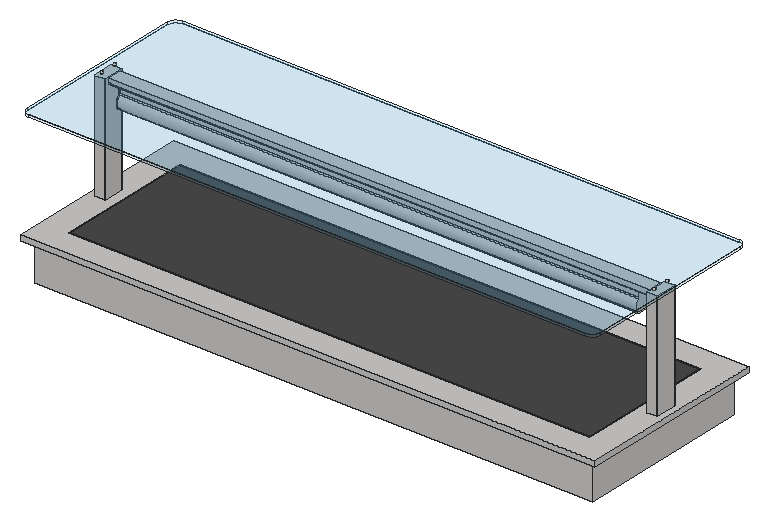
Revit family "QF_FESTIVE_SHD21", category Specialty Equipment, Revit 2020
Family settings
  Round Connector Dimension = Use Diameter
  Part Type = Normal
  Work Plane-Based = No
  Always vertical = Yes
  Cut with Voids When Loaded = No
  Shared = No
  Room Calculation Point = No
Parameters (values of type "SHD21")
  Weight in Pounds = 0
  Watts = if(Phase = 3, Volts * FL Amps * 1.73, Volts * FL Amps)  # 1870 W
  Volts = 220 V
  URL Cutsheet = ""
  Specification by User = ""
  Specification by Manufacturer = ""
  Serial Number = ""
  Seismic Rating = ""
  SMACNA No = ""
  Revision Code = ""
  Phase = 1
  Number of Poles = 1
  NAFEM Spec ID Number = ""
  Model = "SHD21"
  Min Ckt Ampacity = 0 A
  Max Overcurrent Protection = 0 A
  Masterspec = ""
  Manufacturer = "FESTIVE"
  Length = 2130 mm
  Item Number = ""
  Installed By = ""
  Identify Quantity as Lot = yes
  Height = 430 mm
  HP = ""
  Furnished By = ""
  Foodservice Equipment Identifier = yes
  FL Amps = 8.5 A  # constant formula
  Electrical Remarks = ""
  Electric Connection Type = ""
  Elec Conn RI Height = 0 mm
  Elec Conn Connection Height = 0 mm
  Description = "SOMERSET: HOT DECK"
  Depth = 712 mm
  Default Elevation = 0 mm
  Cycle = 50 Hz
  Conn Plug = ""
  Conn Conduit = yes
  CSI MasterFormat = ""
  Apparent Power = if(Phase = 3, Volts * FL Amps * 1.73, Volts * FL Amps)  # 1870 VA
Reference planes
  plane 1 "BACK": y = 0
  plane 2: z = 0
  plane 3 "LEFT": x = 0
  plane 4 "RIGHT": x = 2130
  plane 5 "FRONT": y = -712
  plane 6 "TOP": z = 430
  plane 7 "Center Y": x = 1065
  plane 8 "Center X": y = -356
  plane 9: z = -140
  plane 10: x = 60.5
  plane 11: x = 100.5
  plane 12: x = 2029.5
  plane 13: x = 2069.5
Forms (mm)
  Extrusion 1, solid, material "QF_Metal - Stainless - Satin"
    sketch origin (0, 0, 0) x (1, 0, 0) y (0, 1, 0)
      loop
        line (0, 0) -> (0, -712) -> (2130, -712) -> (2130, 0) -> (0, 0)
      loop
        line (99, -98.261) -> (99, -612.261) -> (2031, -612.261) -> (2031, -98.261) -> (99, -98.261)
    from 0 to 20
  Extrusion 2, solid, material "QF_Metal - Stainless - Satin"
    sketch origin (1065, -355.261, -145) x (1, 0, 0) y (0, 1, 0)
      loop
        line (1035, -326.739) -> (1035, 325.261) -> (-1035, 325.261) -> (-1035, -326.739) -> (1035, -326.739)
      loop
        line (-966, -257) -> (966, -257) -> (966, 257) -> (-966, 257) -> (-966, -257)
    from 5 to 145
  Extrusion 3, solid, material "QF_Metal - Stainless - Satin"
    sketch origin (1065, -355.261, 20) x (1, 0, 0) y (0, 1, 0)
      loop
        arc (-1006.5, -40) -> (-1005.086, -39.414) -> (-1004.5, -38) r 2
        line (-1004.5, -38) -> (-1004.5, 38)
        arc (-1004.5, 38) -> (-1005.086, 39.414) -> (-1006.5, 40) r 2
        line (-1006.5, 40) -> (-1042.5, 40)
        arc (-1042.5, 40) -> (-1043.914, 39.414) -> (-1044.5, 38) r 2
        line (-1044.5, 38) -> (-1044.5, -38)
        arc (-1044.5, -38) -> (-1043.914, -39.414) -> (-1042.5, -40) r 2
        line (-1042.5, -40) -> (-1006.5, -40)
      loop
        arc (1044.5, 38) -> (1043.914, 39.414) -> (1042.5, 40) r 2
        line (1042.5, 40) -> (1006.5, 40)
        arc (1006.5, 40) -> (1005.086, 39.414) -> (1004.5, 38) r 2
        line (1004.5, 38) -> (1004.5, -38)
        arc (1004.5, -38) -> (1005.086, -39.414) -> (1006.5, -40) r 2
        line (1006.5, -40) -> (1042.5, -40)
        arc (1042.5, -40) -> (1043.914, -39.414) -> (1044.5, -38) r 2
        line (1044.5, -38) -> (1044.5, 38)
    from 0 to 400
  Extrusion 4, solid, material "QF_Metal - Stainless - Satin"
    sketch origin (1065, -355.261, -140) x (0, 1, 0) y (1, 0, 0)
      loop
        line (257, -966) -> (257, 966) -> (-257, 966) -> (-257, -966) -> (257, -966)
    from 0 to -35
  Sweep 5, solid
    path origin (0, 0, -90) x (1, 0, 0) y (0, 1, 0)
      loop
        line (2029, -180.315) -> (210.803, -180.315)
        arc (210.803, -180.315) -> (189.59, -189.101) -> (180.803, -210.315) r 30
        line (180.803, -210.315) -> (180.803, -500.123)
        arc (180.803, -500.123) -> (189.59, -521.336) -> (210.803, -530.123) r 30
        line (210.803, -530.123) -> (2029, -530.123)
    profile origin (1119.901, -180.315, -90) x (0, -1, 0) y (0, 0, 1)
      loop
        circle (0, 0) r 3.995
  Extrusion 6, solid, material "Glass"
    sketch origin (1065, -355.261, 420) x (1, 0, 0) y (0, 1, 0)
      loop
        arc (-1062.5, -326) -> (-1053.713, -347.213) -> (-1032.5, -356) r 30
        line (-1032.5, -356) -> (1032.5, -356)
        arc (1032.5, -356) -> (1053.713, -347.213) -> (1062.5, -326) r 30
        line (1062.5, -326) -> (1062.5, 324.523)
        arc (1062.5, 324.523) -> (1053.713, 345.736) -> (1032.5, 354.523) r 30
        line (1032.5, 354.523) -> (-1032.5, 354.523)
        arc (-1032.5, 354.523) -> (-1053.713, 345.736) -> (-1062.5, 324.523) r 30
        line (-1062.5, 324.523) -> (-1062.5, -326)
    from 0 to 10
  Extrusion 7, solid, material "QF_Metal - Stainless - Satin"
    sketch origin (100.5, -4572, 401.831) x (0, 0, 1) y (0, -1, 0)
      loop
        arc (-66.2, -4250.168) -> (-44.071, -4253.808) -> (-23.897, -4244.015) r 37.05
        arc (-23.897, -4244.015) -> (-21.842, -4242.699) -> (-19.446, -4242.239) r 6.465
        line (-19.446, -4242.239) -> (-1.831, -4242.239) -> (-1.831, -4191.324) -> (-19.446, -4191.324)
        arc (-19.446, -4191.324) -> (-21.842, -4190.863) -> (-23.897, -4189.548) r 6.465
        arc (-23.897, -4189.548) -> (-44.071, -4179.755) -> (-66.2, -4183.394) r 37.05
        arc (-66.2, -4183.394) -> (-70.639, -4187.723) -> (-71.831, -4193.809) r 10.413
        line (-71.831, -4193.809) -> (-71.831, -4241.231)
        arc (-71.831, -4241.231) -> (-70.247, -4246.476) -> (-66.2, -4250.168) r 10.306
    from 0 to 2
  Extrusion 8, solid, material "QF_Metal - Stainless - Satin"
    sketch origin (102.5, -4572, 401.831) x (0, 0, 1) y (0, -1, 0)
      loop
        arc (-66.2, -4250.168) -> (-44.071, -4253.808) -> (-23.897, -4244.015) r 37.05
        arc (-23.897, -4244.015) -> (-21.842, -4242.699) -> (-19.446, -4242.239) r 6.465
        line (-19.446, -4242.239) -> (-1.831, -4242.239) -> (-1.831, -4191.324) -> (-19.446, -4191.324)
        arc (-19.446, -4191.324) -> (-21.842, -4190.863) -> (-23.897, -4189.548) r 6.465
        arc (-23.897, -4189.548) -> (-44.071, -4179.755) -> (-66.2, -4183.394) r 37.05
        arc (-66.2, -4183.394) -> (-70.639, -4187.723) -> (-71.831, -4193.809) r 10.413
        line (-71.831, -4193.809) -> (-71.831, -4241.231)
        arc (-71.831, -4241.231) -> (-70.247, -4246.476) -> (-66.2, -4250.168) r 10.306
    from 0 to 1927
  Extrusion 9, solid, material "QF_Metal - Stainless - Satin"
    sketch origin (0, 0, 0) x (0, 1, 0) y (0, 0, 1)
      loop
        line (-327.761, 420) -> (-382.676, 420) -> (-382.676, 401.831)
        arc (-382.676, 401.831) -> (-382.037, 400.522) -> (-380.676, 400) r 1.989
        line (-380.676, 400) -> (-329.761, 400)
        arc (-329.761, 400) -> (-328.401, 400.522) -> (-327.761, 401.831) r 1.989
        line (-327.761, 401.831) -> (-327.761, 420)
    from 60.5 to 2069.5
  Revolve 10, solid, material "QF_Metal - Stainless - Satin"
    sketch origin (0, -385.237, 2) x (1, 0, 0) y (0, 0, 1)
      loop
        line (36.511, 428) -> (40.467, 428) -> (40.467, 433.967)
        arc (40.467, 433.967) -> (37.67, 432.809) -> (36.511, 430.011) r 3.956
        line (36.511, 430.011) -> (36.511, 428)
      axis (40.467, 428) -> (40.467, 433.967)
    angle from 0 to 360
  Revolve 11, solid, material "QF_Metal - Stainless - Satin"
    sketch origin (0, -325.201, 2) x (1, 0, 0) y (0, 0, -1)
      loop
        line (36.511, -428) -> (36.511, -430.011)
        arc (36.511, -430.011) -> (37.67, -432.809) -> (40.467, -433.967) r 3.956
        line (40.467, -433.967) -> (40.467, -428) -> (36.511, -428)
      axis (40.467, -428) -> (40.467, -433.967)
    angle from 0 to 360
  Revolve 12, solid, material "QF_Metal - Stainless - Satin"
    sketch origin (2130, -385.237, 2) x (-1, 0, 0) y (0, 0, -1)
      loop
        line (36.511, -428) -> (36.511, -430.011)
        arc (36.511, -430.011) -> (37.67, -432.809) -> (40.467, -433.967) r 3.956
        line (40.467, -433.967) -> (40.467, -428) -> (36.511, -428)
      axis (40.467, -428) -> (40.467, -433.967)
    angle from 0 to 360
  Revolve 13, solid, material "QF_Metal - Stainless - Satin"
    sketch origin (2130, -325.201, 2) x (-1, 0, 0) y (0, 0, 1)
      loop
        line (36.511, 428) -> (40.467, 428) -> (40.467, 433.967)
        arc (40.467, 433.967) -> (37.67, 432.809) -> (36.511, 430.011) r 3.956
        line (36.511, 430.011) -> (36.511, 428)
      axis (40.467, 428) -> (40.467, 433.967)
    angle from 0 to 360
  Extrusion 14, solid
    sketch origin (0, 0, 20) x (1, 0, 0) y (0, 1, 0)
      loop
        line (99, -612.261) -> (2031, -612.261) -> (2031, -98.261) -> (99, -98.261) -> (99, -612.261)
      loop
        line (101, -610.261) -> (2029, -610.261) -> (2029, -100.261) -> (101, -100.261) -> (101, -610.261)
    from -5 to 0
  Extrusion 15, solid, material "QF_Plastic - Black - Smooth"
    sketch origin (0, 0, 20) x (1, 0, 0) y (0, 1, 0)
      loop
        line (101, -610.261) -> (2029, -610.261) -> (2029, -100.261) -> (101, -100.261) -> (101, -610.261)
    from -5 to 0
Cuts and joins
  joined: Extrusion 2, Extrusion 4
Lines and regions (mm)
  symbolic lines
    curve 1: arc (32.5, -0.739, 0) -> (11.287, -9.526, 0) -> (2.5, -30.739, 0) r 30
    curve 2: line (2.5, -30.739, 0) -> (2.5, -681.261, 0)
    curve 3: arc (2.5, -681.261, 0) -> (11.287, -702.474, 0) -> (32.5, -711.261, 0) r 30
    curve 4: line (32.5, -711.261, 0) -> (2097.5, -711.261, 0)
    curve 5: arc (2097.5, -711.261, 0) -> (2118.713, -702.474, 0) -> (2127.5, -681.261, 0) r 30
    curve 6: line (2127.5, -681.261, 0) -> (2127.5, -30.739, 0)
    curve 7: arc (2127.5, -30.739, 0) -> (2118.713, -9.526, 0) -> (2097.5, -0.739, 0) r 30
    curve 8: line (2097.5, -0.739, 0) -> (32.5, -0.739, 0)
    curve 9: circle (40.467, -325.131, 0) r 3.956 normal (0, 0, 1)
    curve 10: circle (40.467, -385.166, 0) r 3.956 normal (0, 0, 1)
    curve 11: circle (2089.533, -325.131, 0) r 3.956 normal (0, 0, -1)
    curve 12: circle (2089.533, -385.166, 0) r 3.956 normal (0, 0, -1)
    curve 13: line (2130, 0, 0) -> (0, 0, 0)
    curve 14: line (2130, -712, 0) -> (2130, 0, 0)
    curve 15: line (0, -712, 0) -> (2130, -712, 0)
    curve 16: line (0, 0, 0) -> (0, -712, 0)
Dimensions and locks
  equal spacing: plane 3 "LEFT", plane 7 "Center Y", plane 4 "RIGHT"
  "Length": plane 3 "LEFT" to plane 4 "RIGHT"
  equal spacing: plane 5 "FRONT", plane 8 "Center X", plane 1 "BACK"
  "Depth": plane 5 "FRONT" to plane 1 "BACK"
  "Height": plane 6 "TOP" to level
  plane 1 "BACK" to plane 5 "FRONT" = 712 mm
  plane 2 to plane 9 = 140 mm
  nested 1 to nested 1 = 2.873 mm
  locked: plane 13 to plane 4 "RIGHT" at 60.5
  locked: plane 12 to plane 4 "RIGHT" at 100.5
  aligned and locked: plane 2 to level
  aligned and locked: plane 9 to nested 1
  aligned and locked: Extrusion 9 to plane 13
  aligned and locked: Extrusion 8 to plane 12
  aligned and locked: nested 1 to plane 7 "Center Y"
Automatic sketch dimensions
  curve 16 to plane 3 "LEFT" = 0 mm
  curve 15 to plane 4 "RIGHT" = 0 mm
  plane 5 "FRONT" to curve 15 = 0 mm
  plane 1 "BACK" to curve 13 = 0 mm
  plane 3 "LEFT" to curve 2 = 2.5 mm
  curve 4 to plane 5 "FRONT" = 0.739 mm
  plane 3 "LEFT" to curve 4 = 32.5 mm
  plane 1 "BACK" to curve 8 = 0.739 mm
  plane 3 "LEFT" to curve 8 = 32.5 mm
  plane 3 "LEFT" to curve 10 = 40.467 mm
  plane 3 "LEFT" to curve 9 = 40.467 mm
  plane 4 "RIGHT" to curve 11 = 40.467 mm
  plane 4 "RIGHT" to curve 12 = 40.467 mm
  plane 4 "RIGHT" to curve 8 = 32.5 mm
  plane 4 "RIGHT" to curve 4 = 32.5 mm
  plane 4 "RIGHT" to curve 6 = 2.5 mm
  curve 12 to plane 8 "Center X" = 29.166 mm
  curve 10 to plane 8 "Center X" = 29.166 mm
  plane 8 "Center X" to curve 9 = 30.869 mm
  plane 8 "Center X" to curve 11 = 30.869 mm
  Extrusion 1 sketch curve to plane 3 "LEFT" = 0 mm
  Extrusion 1 sketch curve to plane 4 "RIGHT" = 0 mm
  plane 5 "FRONT" to Extrusion 1 sketch curve = 0 mm
  plane 1 "BACK" to Extrusion 1 sketch curve = 0 mm
  plane 3 "LEFT" to Extrusion 1 sketch curve = 99 mm
  plane 4 "RIGHT" to Extrusion 1 sketch curve = 99 mm
  Extrusion 1 sketch curve to plane 5 "FRONT" = 99.739 mm
  plane 1 "BACK" to Extrusion 1 sketch curve = 98.261 mm
  plane 3 "LEFT" to Extrusion 2 sketch curve = 30 mm
  Extrusion 2 sketch curve to Extrusion 2 sketch curve = 69 mm
  plane 4 "RIGHT" to Extrusion 2 sketch curve = 99 mm
  plane 4 "RIGHT" to Extrusion 2 sketch curve = 30 mm
  Extrusion 2 sketch curve to plane 5 "FRONT" = 30 mm
  Extrusion 2 sketch curve to Extrusion 2 sketch curve = 69.739 mm
  plane 1 "BACK" to Extrusion 2 sketch curve = 98.261 mm
  plane 1 "BACK" to Extrusion 2 sketch curve = 30 mm
  plane 3 "LEFT" to Extrusion 3 sketch curve = 20.5 mm
  Extrusion 3 sketch curve to Extrusion 3 sketch curve = 2 mm  (x6)
  Extrusion 3 sketch curve to Extrusion 3 sketch curve = 36 mm  (x2)
  plane 4 "RIGHT" to Extrusion 3 sketch curve = 60.5 mm
  plane 4 "RIGHT" to Extrusion 3 sketch curve = 22.5 mm  (x2)
  Extrusion 3 sketch curve to plane 8 "Center X" = 39.261 mm  (x2)
  plane 8 "Center X" to Extrusion 3 sketch curve = 38.739 mm  (x2)
  Extrusion 4 sketch curve to Extrusion 2 = 0 mm  (x4)
  plane 3 "LEFT" to Sweep 5 sketch curve = 180.803 mm
  Sweep 5 sketch curve to Sweep 5 sketch curve = 30 mm  (x2)
  Sweep 5 sketch curve to plane 8 "Center X" = 174.123 mm
  plane 8 "Center X" to Sweep 5 sketch curve = 145.685 mm
  plane 4 "RIGHT" to Sweep 5 sketch curve = 101 mm  (x2)
  Sweep 5 sketch curve to profile plane = 0 mm  (x2)
  plane 3 "LEFT" to Extrusion 6 sketch curve = 2.5 mm
  Extrusion 6 sketch curve to Extrusion 6 sketch curve = 30 mm  (x2)
  plane 1 "BACK" to Extrusion 6 sketch curve = 0.739 mm
  plane 4 "RIGHT" to Extrusion 6 sketch curve = 32.5 mm  (x2)
  Extrusion 6 sketch curve to plane 5 "FRONT" = 0.739 mm
  plane 4 "RIGHT" to Extrusion 6 sketch curve = 2.5 mm
  Extrusion 9 sketch curve to plane 8 "Center X" = 26.676 mm
  Extrusion 9 sketch curve to Extrusion 9 sketch curve = 1.982 mm  (x2)
  Extrusion 9 sketch curve to Extrusion 9 sketch curve = 0.018 mm  (x2)
  plane 8 "Center X" to Extrusion 9 sketch curve = 26.239 mm
  Extrusion 9 sketch curve to plane 6 "TOP" = 30 mm
  Extrusion 9 sketch curve to Extrusion 9 sketch curve = 1.831 mm  (x2)
  Extrusion 9 sketch curve to plane 6 "TOP" = 10 mm
  Revolve 10 sketch curve to plane 6 "TOP" = 0 mm
  plane 3 "LEFT" to Revolve 10 sketch curve = 36.511 mm
  Revolve 10 sketch curve to Revolve 10 sketch curve = 3.956 mm
  plane 6 "TOP" to Revolve 10 sketch curve = 2.011 mm
  Revolve 10 sketch curve to Revolve 10 sketch curve = 0 mm  (x2)
  Revolve 10 sketch curve to Revolve 10 sketch curve = 2.434 mm
  Revolve 11 sketch curve to plane 6 "TOP" = 0 mm
  plane 3 "LEFT" to Revolve 11 sketch curve = 36.511 mm
  Revolve 11 sketch curve to Revolve 11 sketch curve = 3.956 mm
  plane 6 "TOP" to Revolve 11 sketch curve = 2.011 mm
  Revolve 11 sketch curve to Revolve 11 sketch curve = 0 mm  (x2)
  Revolve 11 sketch curve to Revolve 11 sketch curve = 2.434 mm
  Revolve 12 sketch curve to plane 6 "TOP" = 0 mm
  plane 4 "RIGHT" to Revolve 12 sketch curve = 36.511 mm
  Revolve 12 sketch curve to Revolve 12 sketch curve = 3.956 mm
  Revolve 12 sketch curve to Revolve 12 sketch curve = 2.011 mm
  Revolve 12 sketch curve to Revolve 12 sketch curve = 0 mm  (x2)
  Revolve 12 sketch curve to Revolve 12 sketch curve = 2.434 mm
  Revolve 13 sketch curve to plane 6 "TOP" = 0 mm
  plane 4 "RIGHT" to Revolve 13 sketch curve = 36.511 mm
  Revolve 13 sketch curve to Revolve 13 sketch curve = 3.956 mm
  Revolve 13 sketch curve to Revolve 13 sketch curve = 2.011 mm
  Revolve 13 sketch curve to Revolve 13 sketch curve = 0 mm  (x2)
  Revolve 13 sketch curve to Revolve 13 sketch curve = 2.434 mm
  Extrusion 14 sketch curve to Extrusion 1 = 0 mm  (x3)
  Extrusion 1 to Extrusion 14 sketch curve = 0 mm
  Extrusion 1 to Extrusion 14 sketch curve = 2 mm  (x4)
  Extrusion 1 to Extrusion 15 sketch curve = 2 mm  (x4)
  Extrusion 7 sketch curve to plane 8 "Center X" = 22.191 mm
  Extrusion 7 sketch curve to plane 6 "TOP" = 100 mm
  Extrusion 7 sketch curve to Extrusion 7 sketch curve = 10.303 mm
  Extrusion 7 sketch curve to Extrusion 7 sketch curve = 10.351 mm
  plane 8 "Center X" to Extrusion 7 sketch curve = 0.419 mm
  Extrusion 7 sketch curve to Extrusion 7 sketch curve = 12.075 mm
  Extrusion 7 sketch curve to Extrusion 7 sketch curve = 0 mm  (x3)
  Extrusion 7 sketch curve to Extrusion 7 sketch curve = 42.082 mm
  Extrusion 7 sketch curve to Extrusion 7 sketch curve = 42.033 mm
  Extrusion 7 sketch curve to Extrusion 7 sketch curve = 17.615 mm
  Extrusion 7 sketch curve to Extrusion 7 sketch curve = 0.725 mm
  plane 8 "Center X" to Extrusion 7 sketch curve = 24.982 mm
  Extrusion 7 sketch curve to Extrusion 7 sketch curve = 0.249 mm
  plane 8 "Center X" to Extrusion 7 sketch curve = 26.239 mm
  Extrusion 7 sketch curve to Extrusion 7 sketch curve = 6.465 mm  (x2)
  Extrusion 7 sketch curve to Extrusion 7 sketch curve = 1.133 mm
  Extrusion 7 sketch curve to plane 8 "Center X" = 24.676 mm
  Extrusion 7 to Extrusion 8 sketch curve = 0 mm
  Extrusion 8 sketch curve to Extrusion 7 = 0 mm
  radius of curve 9 = 3.956 mm
  radius of curve 10 = 3.956 mm
  radius of curve 11 = 3.956 mm
  radius of curve 12 = 3.956 mm
  radius of Sweep 5 sketch curve = 3.995 mm
  radius of Extrusion 8 sketch curve to Extrusion 7 = 0 mm  (x6)
Nested families
  nested 1: "CONTROL1" at (1165, -442, -240) x (-1, 0, 0) z (0, 0, 1), type "CONTROL 2"
Connectors
  electrical at (961.8, -342, -196), driven by "Volts", driven by "Watts"
    settings: on nested 1, index 2, voltage 220 V, apparent load 1870 VA, apparent load phase1 0 VA, apparent load phase2 0 VA, apparent load phase3 0 VA, power factor 1, load classification "Other", number of poles 1, system type 30, power factor state 1, is connector primary yes, connector utility no, sub classification motor no, connector description "ELECTRICAL CONNECTION"
Definition of nested family "CONTROL1"
  Parameters (values of type "CONTROL 2")
    Weight in Pounds = 0
    Watts = if(Phase = 3, Volts * FL Amps * 1.73, Volts * FL Amps)  # 0 W
    Volts = 0 V
    URL Cutsheet = ""
    Specification by User = ""
    Specification by Manufacturer = ""
    Serial Number = ""
    Seismic Rating = ""
    SMACNA No = ""
    Revision Code = ""
    Phase = 0
    Number of Poles = 1
    NAFEM Spec ID Number = ""
    Min Ckt Ampacity = 0 A
    Max Overcurrent Protection = 0 A
    Masterspec = ""
    Length = 200 mm
    Item Number = ""
    Installed By = ""
    Identify Quantity as Lot = yes
    Height = 100 mm
    HP = ""
    Furnished By = ""
    Foodservice Equipment Identifier = yes
    FL Amps = 0 A
    Electrical Remarks = ""
    Electric Connection Type = ""
    Elec Conn RI Height = 0 mm
    Elec Conn Connection Height = 0 mm
    Depth = 382 mm  # constant formula
    Default Elevation = 0 mm
    Cycle = 0 Hz
    Conn Plug = ""
    Conn Conduit = yes
    CSI MasterFormat = ""
    Apparent Power = if(Phase = 3, Volts * FL Amps * 1.73, Volts * FL Amps)  # 0 VA
  Reference planes
    plane 1 "BACK": y = 0
    plane 2: z = 0
    plane 3 "LEFT": x = 0
    plane 4 "RIGHT": x = 200
    plane 5 "FRONT": y = -382
    plane 6 "TOP": z = 100
    plane 7 "Center Y": x = 100
    plane 8 "Center X": y = -191
  Forms (mm)
    Extrusion 1, solid
      sketch origin (0, 0, 0) x (0, 1, 0) y (0, 0, 1)
        loop
          line (0, 100) -> (-382, 100) -> (-382, 0) -> (0, 0) -> (0, 100)
      from 0 to 200
    Extrusion 2, solid
      sketch origin (0, -385.163, 100.641) x (0, 0, -1) y (1, 0, 0)
        loop
          line (0.641, 0) -> (84.005, 0) -> (84.005, 200) -> (0.641, 200) -> (0.641, 0)
      from 0 to -3.163
    Extrusion 3, solid
      sketch origin (200, 0, 0) x (0, 1, 0) y (0, 0, 1)
        loop
          circle (-100, 44) r 5
      from 0 to 3.2
    Extrusion 4, solid
      sketch origin (234.495, -385.163, 106.983) x (0, 0, -1) y (1, 0, 0)
        loop
          line (28.109, -81.09) -> (28.109, -101.23) -> (65.314, -101.23) -> (65.314, -81.09) -> (28.109, -81.09)
        loop
          line (30.983, -84.095) -> (30.983, -98.095) -> (62.983, -98.095) -> (62.983, -84.095) -> (30.983, -84.095)
        loop
          line (28.109, -106.09) -> (28.109, -126.23) -> (65.314, -126.23) -> (65.314, -106.09) -> (28.109, -106.09)
        loop
          line (30.983, -109.095) -> (30.983, -123.095) -> (62.983, -123.095) -> (62.983, -109.095) -> (30.983, -109.095)
        loop
          line (29.233, -135.695) -> (29.233, -209.695)
          arc (29.233, -209.695) -> (31.709, -210.63) -> (34.233, -211.428) r 48.156
          line (34.233, -211.428) -> (34.233, -134.051)
          arc (34.233, -134.051) -> (31.711, -134.808) -> (29.233, -135.695) r 50.519
        loop
          line (65.733, -209.695) -> (65.733, -135.695)
          arc (65.733, -135.695) -> (63.254, -134.808) -> (60.733, -134.051) r 50.519
          line (60.733, -134.051) -> (60.733, -211.428)
          arc (60.733, -211.428) -> (63.256, -210.63) -> (65.733, -209.695) r 48.156
      from 0 to 2
    Extrusion 5, solid
      sketch origin (139.146, -385.163, 76) x (0, 0, -1) y (0, 1, 0)
        loop
          line (32, 0) -> (0, 0) -> (0, -2)
          arc (0, -2) -> (12.978, -3.04) -> (25.484, -6.665) r 64.536
          arc (25.484, -6.665) -> (27.464, -6.785) -> (29.117, -5.69) r 3.128
          line (29.117, -5.69) -> (32, -2) -> (32, 0)
      from -2.746 to 11.254
    Extrusion 6, solid
      sketch origin (114.146, -385.163, 76) x (0, 0, -1) y (0, 1, 0)
        loop
          line (32, 0) -> (0, 0) -> (0, -2)
          arc (0, -2) -> (12.978, -3.04) -> (25.484, -6.665) r 64.536
          arc (25.484, -6.665) -> (27.464, -6.785) -> (29.117, -5.69) r 3.128
          line (29.117, -5.69) -> (32, -2) -> (32, 0)
      from -2.746 to 11.254
    Extrusion 7, solid
      sketch origin (234.495, -385.163, 106.983) x (0, 0, -1) y (1, 0, 0)
        loop
          arc (60.733, -134.051) -> (47.483, -132.283) -> (34.233, -134.051) r 50.519
          line (34.233, -134.051) -> (34.233, -211.428)
          arc (34.233, -211.428) -> (47.483, -213.287) -> (60.733, -211.428) r 48.156
          line (60.733, -211.428) -> (60.733, -134.051)
      from 0 to 2
    Extrusion 8, void
      sketch origin (200, 0, 0) x (0, 1, 0) y (0, 0, 1)
        loop
          circle (-133.139, 75.744) r 6
        loop
          circle (-102.677, 75.744) r 10
        loop
          circle (-133.317, 45.46) r 7.401
      from 0 to -3.2
    Extrusion 9, void
      sketch origin (0, 0, 0) x (0, -1, 0) y (0, 0, 1)
        loop
          circle (133.139, 75.744) r 6
        loop
          circle (102.677, 75.744) r 10
        loop
          circle (133.317, 45.46) r 7.401
      from 0 to -3.2
  Cuts and joins
    Extrusion 8, Extrusion 9 cuts Extrusion 1
  Lines and regions (mm)
    symbolic lines
      curve 1: line (0, 0, 0) -> (200, 0, 0)
      curve 2: line (0, -382, 0) -> (0, 0, 0)
      curve 3: line (200, -382, 0) -> (0, -382, 0)
      curve 4: line (200, 0, 0) -> (200, -382, 0)
  Dimensions and locks
    equal spacing: plane 3 "LEFT", plane 7 "Center Y", plane 4 "RIGHT"
    "Length": plane 3 "LEFT" to plane 4 "RIGHT"
    equal spacing: plane 5 "FRONT", plane 8 "Center X", plane 1 "BACK"
    "Depth": plane 5 "FRONT" to plane 1 "BACK"
    "Height": plane 6 "TOP" to level
    plane 4 "RIGHT" to plane 3 "LEFT" = 200 mm
    plane 5 "FRONT" to plane 1 "BACK" = 382 mm
    plane 1 "BACK" to Extrusion 3 sketch curve = 100 mm
    Extrusion 3 sketch curve to level = 44 mm
    aligned and locked: plane 2 to level
  Automatic sketch dimensions
    curve 3 to plane 3 "LEFT" = 0 mm
    curve 3 to plane 4 "RIGHT" = 0 mm
    plane 5 "FRONT" to curve 3 = 0 mm
    plane 1 "BACK" to curve 2 = 0 mm
    Extrusion 1 sketch curve to plane 5 "FRONT" = 0 mm
    Extrusion 1 sketch curve to level = 0 mm
    Extrusion 1 sketch curve to plane 1 "BACK" = 0 mm
    Extrusion 1 sketch curve to plane 6 "TOP" = 0 mm
    plane 4 "RIGHT" to Extrusion 2 sketch curve = 0 mm
    Extrusion 2 sketch curve to plane 6 "TOP" = 0 mm
    Extrusion 2 sketch curve to plane 3 "LEFT" = 0 mm
    level to Extrusion 2 sketch curve = 16.636 mm
    Extrusion 4 sketch curve to Extrusion 4 sketch curve = 0 mm  (x6)
    Extrusion 4 sketch curve to plane 6 "TOP" = 21.127 mm  (x2)
    plane 7 "Center Y" to Extrusion 4 sketch curve = 8.264 mm
    Extrusion 4 sketch curve to plane 6 "TOP" = 22.25 mm
    Extrusion 4 sketch curve to Extrusion 4 sketch curve = 2.873 mm  (x2)
    Extrusion 4 sketch curve to Extrusion 4 sketch curve = 5 mm  (x2)
    Extrusion 4 sketch curve to Extrusion 4 sketch curve = 13.25 mm
    plane 7 "Center Y" to Extrusion 4 sketch curve = 0.443 mm
    Extrusion 4 sketch curve to Extrusion 4 sketch curve = 26.5 mm
    Extrusion 4 sketch curve to Extrusion 4 sketch curve = 2.25 mm
    Extrusion 4 sketch curve to Extrusion 4 sketch curve = 2.331 mm  (x2)
    Extrusion 4 sketch curve to plane 7 "Center Y" = 1.2 mm  (x2)
    plane 3 "LEFT" to Extrusion 4 sketch curve = 24.8 mm  (x2)
    Extrusion 4 sketch curve to Extrusion 4 sketch curve = 1.733 mm
    Extrusion 4 sketch curve to Extrusion 4 sketch curve = 3.136 mm  (x2)
    Extrusion 4 sketch curve to Extrusion 4 sketch curve = 14 mm  (x2)
    Extrusion 4 sketch curve to Extrusion 4 sketch curve = 3.004 mm  (x2)
    Extrusion 4 sketch curve to Extrusion 4 sketch curve = 4.86 mm
    plane 5 "FRONT" to Extrusion 5 sketch curve = 3.163 mm
    Extrusion 5 sketch curve to plane 6 "TOP" = 24 mm
    Extrusion 5 sketch curve to plane 6 "TOP" = 25.358 mm
    plane 5 "FRONT" to Extrusion 5 sketch curve = 6.928 mm
    Extrusion 5 sketch curve to Extrusion 5 sketch curve = 26.653 mm
    plane 5 "FRONT" to Extrusion 5 sketch curve = 8.853 mm
    Extrusion 5 sketch curve to Extrusion 5 sketch curve = 2.465 mm
    Extrusion 5 sketch curve to Extrusion 5 sketch curve = 2.883 mm
    Extrusion 5 sketch curve to Extrusion 5 sketch curve = 66.522 mm
    Extrusion 5 sketch curve to Extrusion 5 sketch curve = 2 mm  (x2)
    plane 5 "FRONT" to Extrusion 6 sketch curve = 3.163 mm
    Extrusion 6 sketch curve to plane 6 "TOP" = 24 mm
    Extrusion 6 sketch curve to plane 6 "TOP" = 25.358 mm
    plane 5 "FRONT" to Extrusion 6 sketch curve = 6.928 mm
    Extrusion 6 sketch curve to Extrusion 6 sketch curve = 26.653 mm
    plane 5 "FRONT" to Extrusion 6 sketch curve = 8.853 mm
    Extrusion 6 sketch curve to Extrusion 6 sketch curve = 2.465 mm
    Extrusion 6 sketch curve to Extrusion 6 sketch curve = 2.883 mm
    Extrusion 6 sketch curve to Extrusion 6 sketch curve = 66.522 mm
    Extrusion 6 sketch curve to Extrusion 6 sketch curve = 2 mm  (x2)
    plane 7 "Center Y" to Extrusion 7 sketch curve = 0.443 mm
    Extrusion 7 sketch curve to plane 6 "TOP" = 27.25 mm
    Extrusion 7 sketch curve to Extrusion 7 sketch curve = 13.25 mm
    Extrusion 7 sketch curve to Extrusion 7 sketch curve = 0 mm
    Extrusion 7 sketch curve to Extrusion 7 sketch curve = 26.5 mm
    Extrusion 7 sketch curve to plane 7 "Center Y" = 30.636 mm
    Extrusion 7 sketch curve to Extrusion 7 sketch curve = 17.671 mm
    plane 3 "LEFT" to Extrusion 7 sketch curve = 23.067 mm
    Extrusion 8 sketch curve to Extrusion 1 = 45.46 mm
    Extrusion 8 sketch curve to Extrusion 1 = 133.317 mm
    Extrusion 8 sketch curve to Extrusion 8 sketch curve = 0.178 mm
    Extrusion 8 sketch curve to Extrusion 8 sketch curve = 30.462 mm
    Extrusion 8 sketch curve to Extrusion 1 = 24.256 mm  (x2)
    plane 8 "Center X" to Extrusion 9 sketch curve = 57.683 mm
    Extrusion 9 sketch curve to Extrusion 9 sketch curve = 0.178 mm
    Extrusion 9 sketch curve to Extrusion 9 sketch curve = 30.462 mm
    level to Extrusion 9 sketch curve = 45.46 mm
    Extrusion 9 sketch curve to plane 6 "TOP" = 24.256 mm  (x2)
    radius of Extrusion 3 sketch curve = 5 mm
    radius of Extrusion 8 sketch curve = 6 mm
    radius of Extrusion 8 sketch curve = 10 mm
    radius of Extrusion 8 sketch curve = 7.401 mm
    radius of Extrusion 9 sketch curve = 6 mm
    radius of Extrusion 9 sketch curve = 10 mm
    radius of Extrusion 9 sketch curve = 7.401 mm
